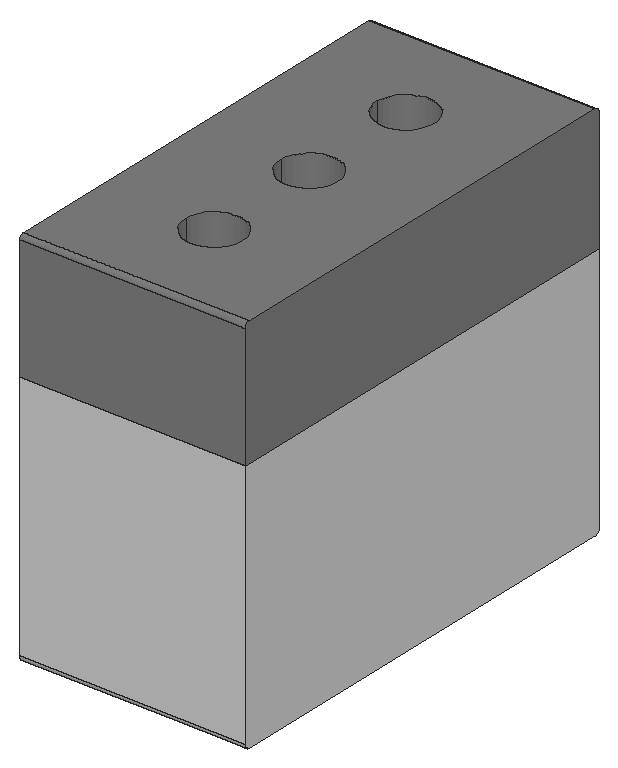
Revit family "Domotics-DomesticRanges-GEWISS-SYSTEM_POWER-SOCKET-OUTLET_ITA_P11_10A", category Apparecchi elettrici, host Superficie, Revit 2016
Family settings
  Host = Superficie
  Mantenere orientamento annotazione = Sì
  Tipo di parte = Normale
  Quota connettore circolare = Usa diametro
  Numero OmniClass = 23.80.50.14
  Titolo OmniClass = Plug Connectors
  Taglio con vuoti quando caricato = No
  Condiviso = Sì
  Punto di calcolo locali = Sì
Parameters (values of type "GW21201 - 10A 2P+E italian socket outlet black")
  Voltage: = "250 V ac"
  Voltage = "250 V ac"
  Volt = 230 V
  Vista di pianta [instance] = yes
  Version file RFA = "19.4"
  URL = "https://www.gewiss.com/ww/en"
  Type = "P11"
  Technical sheet = "https://www.gewiss.com/ww/en/search?q=GW21201"
  Standard: = "English"
  Standard = "English"
  Simbolo = SIMBOLO PRESE : PRESA
  SIMBOLO [instance] = yes
  SEO = "Socket outlet"
  Realized by GEWISS S.p.A. = ""
  Pulsante = GEWISS NERO
  Produttore = "GEWISS S.p.A."
  Offset bidimensionale [instance] = 2 mm
  Offset presa [instance] = 0 mm
  No. SYSTEM modules = "1"
  N. poli = 2
  Modello = "GW21201"
  Larghezza presa = 23 mm
  IFC.TypeObject = ""
  IFC.ExportType = ""
  IFC.ExportAs = ""
  IDT = "b8c0c6aa-2110-498c-a181-906f4d06996c"
  IDF = "0305239d-20ce-4581-94dd-d6e07f155f13"
  For plug pins = "Ø 4 mm"
  Electrocod = "0131"
  EAN code = "8011564128378"
  Distanza_x [instance] = 0 mm
  Distanza_effettiva_x [instance] = 1500 mm - Distanza_x  # 1500 mm
  Default Elevation = 1219.2 mm
  Immagine tipo = gw21201.jpg
  Descrizione = "10A 2P+E ITALIAN SOCKET OUTLET SY/BK"
  Description: = "2P+E - 10A"
  Description. = "Socket-outlet 10 A"
  Colour = "Black"
  Characteristics = "2P+E - 10A"
  Catalogue Range = "SYSTEM - DOMESTIC RANGE"
  Catalogue = "DOMOTICS"
  Carico apparente = 0 VA
  COBie.Tagnumber = ""
  COBie.CreatedOn = ""
  COBie.CreatebBy = ""
  COBie.ComponentRegisterItemID = ""
  COBie.Component.TagNumber = ""
  COBie.Component.Space = ""
  COBie.Component.SerialNumber = ""
  COBie.Component.InstallationDate = ""
  COBie.Component.Description = ""
  COBie.Component.BarCode = ""
Types (2, lengths in mm): name | Technical sheet | Pulsante | Modello | IDT | EAN code | Immagine tipo | Descrizione | Colour
  GW20201 - 10A 2P+E italian socket outlet white | "https://www.gewiss.com/ww/en/search?q=GW20201" | GEWISS BIANCO | "GW20201" | "f1601e43-b0eb-414f-b803-c097c5575b77" | "8011564000513" | GW20201.jpg | "10A 2P+E ITALIAN SOCKET OUTLET SY/WT" | "White"
  GW21201 - 10A 2P+E italian socket outlet black | "https://www.gewiss.com/ww/en/search?q=GW21201" | GEWISS NERO | "GW21201" | "b8c0c6aa-2110-498c-a181-906f4d06996c" | "8011564128378" | gw21201.jpg | "10A 2P+E ITALIAN SOCKET OUTLET SY/BK" | "Black"
Reference planes
  plane 1 "Centro (Fronte/Retro)": y = 0
  plane 2: z = 0
  plane 3 "Centro (Sinistra/Destra)": x = 0
  plane 4: z = 0
  plane 5 "BIDIMENSIONALE": z = 41
  plane 6: x = -11.5
  plane 7: x = 11.5
  plane 8: z = 39
  plane 9: y = 22.5
  plane 10: y = -22.5
  plane 11: x = -1500
  plane 12: x = 0
Lines and regions (mm)
  Masking region 1, visible <- "Vista di pianta"
    outline origin (0, 0, 0) x (1, 0, 0) y (0, 0, 1)
      loop
        line (-11.5, 0) -> (11.5, 0) -> (11.5, 39) -> (-11.5, 39) -> (-11.5, 0)
  Masking region 2, visible <- "Vista di pianta"
    outline origin (0, 0, 41) x (0, -1, 0) y (1, 0, 0)
      loop
        line (-22.5, -11.5) -> (22.5, -11.5) -> (22.5, 11.5) -> (-22.5, 11.5) -> (-22.5, -11.5)
      loop
        circle (-12.206, 0.079) r 2.942
      loop
        circle (12.206, 0.079) r 2.942
      loop
        circle (0, 0) r 2.942
  Masking region 3, visible <- "Vista di pianta"
    outline origin (0, 0, 41) x (0, -1, 0) y (1, 0, 0)
      loop
        line (-22.5, -11.5) -> (22.5, -11.5) -> (22.5, 11.5) -> (-22.5, 11.5) -> (-22.5, -11.5)
      loop
        circle (-12.206, 0.079) r 2.942
      loop
        circle (0, 0) r 2.942
      loop
        circle (12.206, 0.079) r 2.942
  Masking region 4, visible <- "Vista di pianta"
    outline origin (0, 0, 0) x (0, 1, 0) y (0, 0, 1)
      loop
        line (-22.5, 39) -> (-22.5, 0) -> (22.5, 0) -> (22.5, 39) -> (-22.5, 39)
  model lines, style "PRESA", detail levels coarse
    curve 1: line (11.5, 22.5, 41) -> (11.5, -22.5, 41)
    curve 2: line (-11.5, 22.5, 41) -> (11.5, 22.5, 41)
    curve 3: line (-11.5, -22.5, 41) -> (-11.5, 22.5, 41)
    curve 4: line (11.5, -22.5, 41) -> (-11.5, -22.5, 41)
    curve 5: circle (0.079, -12.206, 41) r 2.942 normal (0, 0, 1)
    curve 6: circle (0, 0, 41) r 2.942 normal (0, 0, 1)
    curve 7: circle (0.079, 12.206, 41) r 2.942 normal (0, 0, 1)
  model lines, style "PRESA", not visible, detail levels coarse
    curve 8: line (11.5, 22.5, 41) -> (11.5, -22.5, 41)
    curve 9: line (-11.5, 22.5, 41) -> (11.5, 22.5, 41)
    curve 10: line (-11.5, -22.5, 41) -> (-11.5, 22.5, 41)
    curve 11: line (11.5, -22.5, 41) -> (-11.5, -22.5, 41)
    curve 12: circle (0.079, -12.206, 41) r 2.942 normal (0, 0, 1)
    curve 13: circle (0, 0, 41) r 2.942 normal (0, 0, 1)
    curve 14: circle (0.079, 12.206, 41) r 2.942 normal (0, 0, 1)
Dimensions and locks
  "Offset presa": plane 4 to host face
  equal spacing: plane 6, plane 3 "Centro (Sinistra/Destra)", plane 7
  "Larghezza presa": plane 6 to plane 7
  locked: plane 8 to plane 4 at 39
  locked: plane 9 to plane 10 at 45
  plane 11 to plane 3 "Centro (Sinistra/Destra)" = 1500 mm
  "Distanza_effettiva_x": plane 11 to plane 12
  "Offset bidimensionale": plane 5 "BIDIMENSIONALE" to plane 8
  aligned and locked: plane 2 to host face
  aligned and locked: level to host face
  aligned and locked: nested 1 to plane 4
  aligned and locked: plane 6 to nested 1
  aligned and locked: plane 7 to nested 1
  aligned and locked: Masking region 1 sketch curve to nested 1
  aligned and locked: plane 7 to Masking region 1 sketch curve
  aligned and locked: plane 8 to nested 1
  aligned and locked: plane 8 to Masking region 1 sketch curve
  aligned and locked: Masking region 1 sketch curve to plane 4
  aligned and locked: plane 12 to nested 2
  aligned and locked: Masking region 3 sketch curve to plane 9
  aligned and locked: plane 6 to Masking region 3 sketch curve
  aligned and locked: Masking region 3 sketch curve to curve 4
  aligned and locked: Masking region 3 sketch curve to curve 1
  aligned and locked: Masking region 4 sketch curve to nested 1  (x2)
  aligned and locked: plane 10 to Masking region 4 sketch curve
  aligned and locked: plane 4 to Masking region 4 sketch curve
Automatic sketch dimensions
  host sketch curve to host sketch curve = 2438.4 mm  (x2)
  Masking region 2 sketch curve to Masking region 2 sketch curve = 0 mm  (x6)
  Masking region 2 sketch curve to plane 7 = 0 mm
  Masking region 2 sketch curve to plane 9 = 0 mm
  plane 1 "Centro (Fronte/Retro)" to Masking region 2 sketch curve = 0 mm
  Masking region 2 sketch curve to plane 10 = 0 mm
  Masking region 2 sketch curve to plane 6 = 0 mm
  Masking region 2 sketch curve to plane 3 "Centro (Sinistra/Destra)" = 0 mm
  plane 3 "Centro (Sinistra/Destra)" to Masking region 2 sketch curve = 0.079 mm  (x2)
  Masking region 2 sketch curve to plane 9 = 10.294 mm
  plane 10 to Masking region 2 sketch curve = 10.294 mm
  Masking region 2 sketch curve to Masking region 2 sketch curve = 2.942 mm
  Masking region 2 sketch curve to plane 3 "Centro (Sinistra/Destra)" = 2.863 mm  (x2)
  Masking region 4 sketch curve to plane 10 = 0 mm
  plane 1 "Centro (Fronte/Retro)" to Masking region 3 sketch curve = 0 mm
  Masking region 3 sketch curve to plane 3 "Centro (Sinistra/Destra)" = 0 mm
  plane 3 "Centro (Sinistra/Destra)" to Masking region 3 sketch curve = 0.079 mm  (x2)
  Masking region 3 sketch curve to plane 9 = 10.294 mm
  plane 10 to Masking region 3 sketch curve = 10.294 mm
  radius of Masking region 3 sketch curve = 2.942 mm  (x3)
Nested families
  nested 1: "SYSTEM PRESE ITA P11 10A_BASE" at (0, 0, 0), Pulsante <- "Pulsante", type "SYSTEM PRESE ITA P11 10A_BASE"
    with Pulsante GEWISS NERO
  nested 2: "SIMBOLO PRESE" at (0, 100, 0), type <- "Simbolo", SIMBOLO <- "SIMBOLO", visible <- "SIMBOLO", type "PRESA"
    with TESTO ELETTRICO "10", SIMBOLO yes, Distanza dal muro 4.2 mm, BORDO ACCESO yes
Connectors
  electrical at (0, 0, 0), driven by "N. poli", driven by "Volt", driven by "Carico apparente"
    settings: on nested 1, index 1, voltage 230 V, apparent load 0 VA, apparent load phase1 0 VA, apparent load phase2 0 VA, apparent load phase3 0 VA, power factor 1, load classification "Other", number of poles 2, system type 31, power factor state 1, is connector primary yes, connector utility no, sub classification motor no, connector description ""
Definition of nested family "SYSTEM PRESE ITA P11 10A_BASE"
  Parameters (values of type "SYSTEM PRESE ITA P11 10A_BASE")
    Struttura = none
    Pulsante [instance] = none
    Profondità supporto = 28.04 mm
    Profondità presa = 39 mm
    Larghezza presa = 23 mm
    Distanza simbolo = 30 mm
    Bidimensionale = 43.8 mm
    Altezza simbolo = 30 mm
    Altezza presa = 45 mm
  Reference planes
    plane 1 "Centro (Fronte/Retro)": y = 0
    plane 2: z = 0
    plane 3 "Centro (Sinistra/Destra)": x = 0
    plane 4: x = -11.5
    plane 5: x = 11.5
    plane 6: y = 22.5
    plane 7: y = -22.5
    plane 8 "PIANO BIDIMENSIONALE": z = 43.8
    plane 9: z = 26
    plane 10: z = 39
  Forms (mm)
    Extrusion 1, solid, material <- "Struttura", detail levels medium+fine
      sketch origin (0, 0, 0) x (0, 1, 0) y (0, 0, 1)
        loop
          line (22.5, 0.5) -> (22.5, 26) -> (-22.5, 26) -> (-22.5, 0.5)
          arc (-22.5, 0.5) -> (-22.354, 0.146) -> (-22, 0) r 0.5
          line (-22, 0) -> (22, 0)
          arc (22, 0) -> (22.354, 0.146) -> (22.5, 0.5) r 0.5
      from -11.5 to 11.5
    Extrusion 2, solid, material <- "Pulsante", detail levels medium+fine
      sketch origin (0, 0, 0) x (0, 1, 0) y (0, 0, 1)
        loop
          line (-22.5, 38.5) -> (-22.5, 26) -> (22.5, 26) -> (22.5, 38.5)
          arc (22.5, 38.5) -> (22.354, 38.854) -> (22, 39) r 0.5
          line (22, 39) -> (-22, 39)
          arc (-22, 39) -> (-22.354, 38.854) -> (-22.5, 38.5) r 0.5
      from -11.5 to 11.5
    Extrusion 3, void
      sketch origin (0, 0, 43.8) x (-1, 0, 0) y (0, -1, 0)
        loop
          circle (-0.079, -12.206) r 2.942
        loop
          circle (0, 0) r 2.942
        loop
          circle (-0.079, 12.206) r 2.942
      from -17.8 to -2.319
  Cuts and joins
    Extrusion 3 cuts Extrusion 2
  Dimensions and locks
    equal spacing: plane 4, plane 3 "Centro (Sinistra/Destra)", plane 5
    "Larghezza presa": plane 4 to plane 5
    equal spacing: plane 6, plane 1 "Centro (Fronte/Retro)", plane 7
    "Altezza presa": plane 6 to plane 7
    "Profondità presa": plane 10 to level
    "Bidimensionale": plane 8 "PIANO BIDIMENSIONALE" to plane 2
    aligned and locked: level to plane 2
    aligned and locked: Extrusion 1 to Extrusion 2  (x2)
    aligned and locked: Extrusion 2 sketch curve to Extrusion 1
    aligned and locked: plane 9 to Extrusion 1
    aligned and locked: Extrusion 3 to Extrusion 1
    aligned and locked: cut or joined group of Extrusion 2, Extrusion 3 to plane 4
    aligned and locked: plane 6 to Extrusion 1
    aligned and locked: plane 5 to Extrusion 1
    aligned and locked: Extrusion 1 to plane 7
    aligned and locked: plane 10 to cut or joined group of Extrusion 2, Extrusion 3
  Automatic sketch dimensions
    Extrusion 1 sketch curve to level = 0 mm
    level to Extrusion 1 sketch curve = 0.5 mm
    plane 7 to Extrusion 1 sketch curve = 0 mm
    Extrusion 1 sketch curve to Extrusion 1 sketch curve = 0.5 mm
    Extrusion 1 sketch curve to plane 8 "PIANO BIDIMENSIONALE" = 17.8 mm
    Extrusion 2 sketch curve to plane 7 = 0 mm
    Extrusion 2 sketch curve to plane 6 = 0 mm
    plane 7 to Extrusion 2 sketch curve = 0.5 mm
    Extrusion 2 sketch curve to Extrusion 2 sketch curve = 0.5 mm  (x2)
    Extrusion 2 sketch curve to plane 8 "PIANO BIDIMENSIONALE" = 5.3 mm
    Extrusion 1 sketch curve to plane 6 = 0 mm
Definition of nested family "SIMBOLO PRESE"
  Parameters (values of type "PRESA")
    TESTO ELETTRICO [instance] = "TXT"
    Simbolo = SIMBOLO PRESE_BASE : PRESA
    SIMBOLO [instance] = yes
    Distanza dal muro [instance] = 4.208 mm
    BORDO ACCESO [instance] = yes
  Reference planes
    plane 1: y = 0
    plane 2: x = 0
  Dimensions and locks
    aligned and locked: plane 1 to nested 1
    aligned and locked: plane 2 to nested 1
  Nested families
    nested 1: "SIMBOLO PRESE_BASE" at (0, 0, 0), type <- "Simbolo", TESTO ELETTRICO <- "TESTO ELETTRICO", BORDO ACCESO <- "BORDO ACCESO", visible <- "SIMBOLO", type "PRESA"
      with TESTO ELETTRICO "TXT", BORDO ACCESO yes
  Definition of nested family "SIMBOLO PRESE_BASE"
    Parameters (values of type "PRESA")
      TESTO ELETTRICO [instance] = "TXT"
      Distanza dal muro = 4.208 mm
      BORDO ACCESO [instance] = yes
    Reference planes
      plane 1: y = 0
      plane 2: x = 0
    Lines and regions (mm)
      detail lines, visible <- "BORDO ACCESO", not visible
        curve 1: line (-1.743, 9.208, 0) -> (2.057, 9.208, 0)
        curve 2: line (2.057, 9.208, 0) -> (2.057, 4.208, 0)
        curve 3: line (2.057, 4.208, 0) -> (-1.743, 4.208, 0)
        curve 4: line (-1.743, 4.208, 0) -> (-1.743, 9.208, 0)
        curve 5: line (-1.543, 9.008, 0) -> (1.857, 9.008, 0)
        curve 6: line (1.857, 9.008, 0) -> (1.857, 4.408, 0)
        curve 7: line (1.857, 4.408, 0) -> (-1.543, 4.408, 0)
        curve 8: line (-1.543, 4.408, 0) -> (-1.543, 9.008, 0)
      detail lines
        curve 9: line (0.783, 1.133, 0) -> (-0.783, 1.133, 0)
        curve 10: line (0, 1.133, 0) -> (0, 0.349, 0)
        curve 11: arc (-0.783, 1.916, 0) -> (0, 1.133, 0) -> (0.783, 1.916, 0) r 0.783
    Text (mm)
      label "TXT" at (0.016, 1.578, 0), shows "TESTO ELETTRICO"
